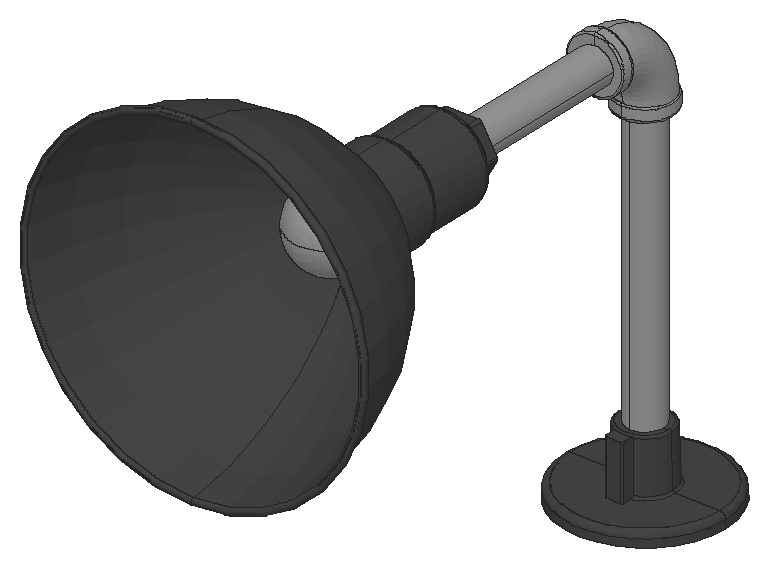
Revit family "BLE-G-DBW-G34-E26", category Lighting Fixtures, host Face, Revit 2022
Family settings
  Host = Face
  Round Connector Dimension = Use Diameter
  Part Type = Normal
  Cut with Voids When Loaded = No
  Light Source = Yes
  Maintain Annotation Orientation = No
  Shared = No
  Room Calculation Point = No
Parameters (values of type "10"")
  Wattage = 5.72229 W
  built-in parameter 1150110 = 1 (stored number, unit not read)
  built-in parameter 1114217 = 1 (stored number, unit not read)
  Tilt Angle = 0.00°
  built-in parameter 1150109 = 1 (stored number, unit not read)
  built-in parameter 1150134 = (empty or 0)
  built-in parameter 1150113 = 1 (stored number, unit not read)
  Gooseneck Material = 100 - Black
  Shade Material = 100 - Black
  Photometric Web File = "generic"
  built-in parameter 1150142 = (empty or 0)
  built-in parameter 1150105 = 67.641 (stored number, unit not read)
  Lumens = 850 lm
  built-in parameter 1150115 = 1 (stored number, unit not read)
  built-in parameter 1150137 = (empty or 0)
  built-in parameter 1150139 = (empty or 0)
  built-in parameter 1150112 = 1 (stored number, unit not read)
  built-in parameter 1150114 = 1 (stored number, unit not read)
  built-in parameter 1150132 = 2
  built-in parameter 1150102 = (empty or 0)
  built-in parameter 1150107 = 3000 (stored number, unit not read)
  built-in parameter 1150138 = (empty or 0)
  built-in parameter 1150106 = 0.67641 (stored number, unit not read)
  built-in parameter 1150104 = 13.8 (stored number, unit not read)
  20" = no
  Dimming Lamp Color Temperature Shift = <None>
  Default Elevation = 4' - 0"
  Color Filter = 16777215
  Base Material = 100 - Black
  built-in parameter 1114218 = 1 (stored number, unit not read)
  built-in parameter 1150133 = 10 (stored number, unit not read)
  16" = no
  14" = no
  12" = no
  10" = yes
Reference planes (in)
  plane 1 "Center (Front/Back)": y = 0
  plane 2: z = 0
  plane 3 "Center (Left/Right)": x = 0
Lines and regions (in)
  reference lines
    curve 1: line (0, 32, 0) -> (0, -36, 0)
    curve 2: line (-33.11947, 0, 0) -> (37.88053, 0, 0)
Dimensions and locks (in)
  locked: plane 1 "Center (Front/Back)" to imposter light at 11.25
  aligned and locked: plane 2 to host face
  aligned and locked: level to host face
  aligned and locked: plane 3 "Center (Left/Right)" to nested 1
  aligned and locked: plane 1 "Center (Front/Back)" to nested 1
  aligned and locked: nested 4 to imposter light
  aligned and locked: imposter light to plane 3 "Center (Left/Right)"
  aligned and locked: plane 1 "Center (Front/Back)" to nested 2
  aligned and locked: imposter light to nested 7
  aligned and locked: imposter light to nested 3
  aligned and locked: nested 7 to imposter light
  aligned and locked: imposter light to nested 6  (x2)
  aligned and locked: nested 3 to imposter light
  aligned and locked: nested 5 to imposter light  (x2)
  aligned and locked: imposter light to nested 2
Nested families (in)
  nested 1: "WBP-7501" at (0, 0, 0), type "WBP-7501"
  nested 2: "G34" at (0, 0, 1.975), type "GNK-5011"
  nested 3: "DBW Shade" at (0, -7.21168, 11.913) x (0, 0, -1) z (0, -1, 0), type "DBW Shade"
    with 24" no, 20" no, 16" no, 14" no, 12" no
  nested 4: "103264" at (0, -3.60156, 11.913) x (0, 0, -1) z (0, -1, 0), type "103264"
    with Heat Sink 9" no
  nested 5: "CPL-0004" at (0, -6.5615, 11.913) x (1, 0, 0) z (0, -1, 0), type "CPL-0004"
  nested 6: "E26 Socket Assy" at (0, -7.25074, 11.913) x (0, 0, -1) z (0, -1, 0), type "E26 Socket Assy"
  nested 7: "E26 Bulb" at (0, -9.50573, 11.913) x (1, 0, 0) z (0, -1, 0), type "E26 Bulb"
Connectors (in)
  electrical at (0, 0, 0)
    settings: index 1, voltage 0 V, apparent load 0 VA, apparent load phase1 0 VA, apparent load phase2 0 VA, apparent load phase3 0 VA, power factor 1, load classification "Other", number of poles 1, system type 31, power factor state 1, is connector primary yes, connector utility no, sub classification motor no, connector description ""
Definition of nested family "WBP-7501"
  Parameters (values of type "WBP-7501")
    Default Elevation = 3' - 0"
    Base Material = none
  Reference planes (in)
    plane 1 "Center (Front/Back)": y = 0
    plane 2: z = 0
    plane 3 "Center (Left/Right)": x = 0
    plane 4 "Base Dia": x = -2.325
    plane 5 "Base Height": z = 0.4
    plane 6 "Fillet Radius": z = 0.225
    plane 7: z = 0.458
    plane 8: x = -0.87
    plane 9: x = -0.81
    plane 10: x = -0.76
    plane 11: z = 1.917
    plane 12: z = 1.975
    plane 13: x = -0.7
    plane 14: x = -0.2595
    plane 15: x = 0.2595
    plane 16: y = -1.135
  Forms (in)
    Extrusion 1, solid
      sketch origin (0, 0, 0) x (1, 0, 0) y (0, 1, 0)
        loop
          line (-48, 48) -> (-48, -48) -> (48, -48) -> (48, 48) -> (-48, 48)
      from 0 to -12
    Revolve 2, solid, material <- "Base Material"
      sketch origin (0, 0, 0) x (1, 0, 0) y (0, 0, 1)
        loop
          line (0, 0) -> (0, 1.975) -> (-0.7, 1.975)
          arc (-0.7, 1.975) -> (-0.74172, 1.95814) -> (-0.76, 1.91702) r 0.06003
          line (-0.76, 1.91702) -> (-0.81, 0.458)
          arc (-0.81, 0.458) -> (-0.82699, 0.41699) -> (-0.868, 0.4) r 0.058
          line (-0.868, 0.4) -> (-2.15, 0.4)
          arc (-2.15, 0.4) -> (-2.27374, 0.34874) -> (-2.325, 0.225) r 0.175
          line (-2.325, 0.225) -> (-2.325, 0) -> (0, 0)
        axis (0, 0) -> (0, 1.975)
      angle from 0 to 360
    Extrusion 3, solid, material <- "Base Material"
      sketch origin (0, 0, 0) x (1, 0, 0) y (0, 1, 0)
        loop
          line (-0.2595, -0.76731) -> (-0.2595, -1.075)
          arc (-0.2595, -1.075) -> (-0.24193, -1.11743) -> (-0.1995, -1.135) r 0.06
          line (-0.1995, -1.135) -> (0.1995, -1.135)
          arc (0.1995, -1.135) -> (0.24193, -1.11743) -> (0.2595, -1.075) r 0.06
          line (0.2595, -1.075) -> (0.2595, -0.76731)
          arc (0.2595, -0.76731) -> (0, -0.81) -> (-0.2595, -0.76731) r 0.81
      from 0 to 1.975
  Cuts and joins
    joined: Revolve 2, Extrusion 3
  Dimensions and locks (in)
    plane 4 "Base Dia" to plane 3 "Center (Left/Right)" = 0' - 2.325"
    locked: plane 5 "Base Height" to Extrusion 1 at 0.4
    locked: plane 3 "Center (Left/Right)" to plane 4 "Base Dia" at 2.325
    locked: plane 5 "Base Height" to plane 6 "Fillet Radius" at 0.175
    locked: plane 3 "Center (Left/Right)" to plane 9 at 0.81
    locked: plane 3 "Center (Left/Right)" to plane 8 at 0.87
    locked: plane 3 "Center (Left/Right)" to plane 10 at 0.76
    locked: plane 3 "Center (Left/Right)" to plane 13 at 0.7
    locked: plane 11 to plane 5 "Base Height" at 1.517
    locked: plane 12 to plane 5 "Base Height" at 1.575
    locked: plane 7 to plane 5 "Base Height" at 0.058
    locked: plane 14 to plane 3 "Center (Left/Right)" at 0.2595
    locked: plane 3 "Center (Left/Right)" to plane 15 at 0.2595
    locked: plane 16 to plane 1 "Center (Front/Back)" at 1.135
    radius of Revolve 2 sketch curve = 0' - 0.175"
    aligned and locked: plane 2 to Extrusion 1
    aligned and locked: level to Extrusion 1
    aligned and locked: Revolve 2 sketch curve to plane 5 "Base Height"
    aligned and locked: plane 9 to Revolve 2 sketch curve
    aligned and locked: plane 3 "Center (Left/Right)" to Revolve 2 sketch curve
    aligned and locked: plane 15 to Extrusion 3 sketch curve
    aligned and locked: Extrusion 3 sketch curve to plane 16
    aligned and locked: Extrusion 3 sketch curve to plane 14
  Automatic sketch dimensions
    Extrusion 1 sketch curve to Extrusion 1 sketch curve = 8' - 0"  (x2)
    Revolve 2 sketch curve to level = 0' - 0"
    Revolve 2 sketch curve to plane 4 "Base Dia" = 0' - 0"
    Revolve 2 sketch curve to plane 7 = 0' - 0"  (x2)
    plane 10 to Revolve 2 sketch curve = 0' - 0"
    Revolve 2 sketch curve to plane 12 = 0' - 0"
    Revolve 2 sketch curve to plane 13 = 0' - 0"
    Revolve 2 sketch curve to plane 3 "Center (Left/Right)" = 0' - 0"
    Revolve 2 sketch curve to Revolve 2 sketch curve = 0' - 0.22742"
    Revolve 2 sketch curve to Revolve 2 sketch curve = 0' - 1.76377"
    plane 1 "Center (Front/Back)" to Extrusion 3 sketch curve = 0' - 0"
    Extrusion 3 sketch curve to plane 3 "Center (Left/Right)" = 0' - 0"
    plane 14 to Extrusion 3 sketch curve = 0' - 0.06"
    Extrusion 3 sketch curve to plane 15 = 0' - 0.06"
    Extrusion 3 sketch curve to Extrusion 3 sketch curve = 0' - 0.30769"
Definition of nested family "G34"
  Parameters (values of type "G34")
    Gooseneck Material = none
    Default Elevation = 2' - 0"
  Reference planes (in)
    plane 1 "Center (Front/Back)": y = 0
    plane 2: z = 0
    plane 3 "Center (Left/Right)": x = 0
    plane 4 "Wood Height": z = 0
    plane 5: z = 9.938
  Forms (in)
    Extrusion 1, solid
      sketch origin (0, 0, 0) x (1, 0, 0) y (0, 1, 0)
        loop
          line (-48, 48) -> (-48, -48) -> (48, -48) -> (48, 48) -> (-48, 48)
      from 0 to -12
  Dimensions and locks (in)
    aligned and locked: plane 2 to Extrusion 1
    aligned and locked: level to Extrusion 1
    aligned and locked: Extrusion 1 to plane 4 "Wood Height"
    aligned and locked: plane 3 "Center (Left/Right)" to nested 1
    aligned and locked: plane 1 "Center (Front/Back)" to nested 1
    aligned and locked: plane 3 "Center (Left/Right)" to nested 2
    aligned and locked: plane 1 "Center (Front/Back)" to nested 2
    aligned and locked: nested 3 to nested 2  (x2)
  Nested families (in)
    nested 1: "GNK-7517" at (0, 0, 0), type "GNK-7517"
    nested 2: "APF-750X" at (0, 0, 8.125) x (-1, 0, 0) z (0, 0, 1), type "APF-750X"
    nested 3: "STM-7506" at (0, -1.813, 9.938) x (0, 0, -1) z (0, -1, 0), type "STM-7506"
  Definition of nested family "GNK-7517"
    Parameters (values of type "GNK-7517")
      Gooseneck Material = none
      Default Elevation = 2' - 0"
    Reference planes (in)
      plane 1 "Center (Front/Back)": y = 0
      plane 2: z = -0.0015
      plane 3 "Center (Left/Right)": x = 0
      plane 4 "Wood Height": z = -0.0015
    Forms (in)
      Extrusion 1, solid
        sketch origin (0, 0, 0) x (1, 0, 0) y (0, 1, 0)
          loop
            line (-48, 48) -> (-48, -48) -> (48, -48) -> (48, 48) -> (-48, 48)
        from -0.0015 to -12
      Sweep 2, solid, material <- "Gooseneck Material"
        path origin (0, 0, 0) x (0, 1, 0) y (0, 0, 1)
          loop
            line (0, -0.0015) -> (0, 8.125)
        profile origin (0, 0, 4.06175) x (0, -1, 0) y (1, 0, 0)
          loop
            circle (0, 0) r 0.52676
    Dimensions and locks (in)
      aligned and locked: plane 2 to Extrusion 1
      aligned and locked: level to Extrusion 1
      aligned and locked: Extrusion 1 to plane 4 "Wood Height"
  Definition of nested family "APF-750X"
    Parameters (values of type "APF-750X")
      Gooseneck Material = none
      Default Elevation = 2' - 0"
    Reference planes (in)
      plane 1 "Center (Front/Back)": y = 0
      plane 2: z = 0
      plane 3 "Center (Left/Right)": x = 0
      plane 4: z = 0.375
      plane 5: y = 0.8225
      plane 6: y = 1.438
      plane 7: y = 1.813
      plane 8: z = 1.813
      plane 9: z = 0.9905
      plane 10: y = 0.77
    Forms (in)
      Extrusion 1, solid
        sketch origin (0, 0, 0) x (1, 0, 0) y (0, 1, 0)
          loop
            line (-48, 48) -> (-48, -48) -> (48, -48) -> (48, 48) -> (-48, 48)
        from 0 to -12
      Revolve 2, solid, material <- "Gooseneck Material"
        sketch origin (0, 0, 0) x (0, 1, 0) y (0, 0, 1)
          loop
            line (0, 0.375) -> (0, 0) -> (0.7825, 0)
            arc (0.7825, 0) -> (0.81078, 0.01172) -> (0.8225, 0.04) r 0.04
            line (0.8225, 0.04) -> (0.8225, 0.335)
            arc (0.8225, 0.335) -> (0.81078, 0.36328) -> (0.7825, 0.375) r 0.04
            line (0.7825, 0.375) -> (0, 0.375)
          axis (0, 0.375) -> (0, 0)
        angle from 0 to 360
      Revolve 3, solid, material <- "Gooseneck Material"
        sketch origin (0, 0, 0) x (0, 1, 0) y (0, 0, 1)
          loop
            line (1.438, 1.813) -> (1.438, 1.0305)
            arc (1.438, 1.0305) -> (1.44972, 1.00222) -> (1.478, 0.9905) r 0.04
            line (1.478, 0.9905) -> (1.773, 0.9905)
            arc (1.773, 0.9905) -> (1.80128, 1.00222) -> (1.813, 1.0305) r 0.04
            line (1.813, 1.0305) -> (1.813, 1.813) -> (1.438, 1.813)
          axis (1.813, 1.813) -> (1.438, 1.813)
        angle from 0 to 360
      Sweep 4, solid, material <- "Gooseneck Material"
        path origin (0, 0, 0) x (0, 1, 0) y (0, 0, 1)
          loop
            line (0, 0) -> (0, 0.375)
            arc (0, 0.375) -> (0.42118, 1.39182) -> (1.438, 1.813) r 1.438
            line (1.438, 1.813) -> (1.813, 1.813)
        profile origin (0, 0, 0.1875) x (0, -1, 0) y (1, 0, 0)
          loop
            circle (0, 0) r 0.77
    Cuts and joins
      joined: Revolve 2, Revolve 3, Sweep 4
    Dimensions and locks (in)
      locked: plane 5 to plane 1 "Center (Front/Back)" at 0.8225
      locked: plane 4 to Extrusion 1 at 0.375
      locked: plane 7 to plane 6 at 0.375
      locked: plane 6 to plane 1 "Center (Front/Back)" at 1.438
      locked: plane 8 to plane 4 at 1.438
      locked: plane 8 to plane 9 at 0.8225
      plane 10 to plane 1 "Center (Front/Back)" = 0' - 0.77"  (x2)
      radius of Revolve 3 sketch curve = 0' - 0.04"
      aligned and locked: plane 2 to Extrusion 1
      aligned and locked: level to Extrusion 1
      aligned and locked: plane 1 "Center (Front/Back)" to Revolve 2 sketch curve
      aligned and locked: Revolve 3 sketch curve to plane 8
    Automatic sketch dimensions
      Extrusion 1 sketch curve to Extrusion 1 sketch curve = 8' - 0"  (x2)
      Revolve 2 sketch curve to plane 1 "Center (Front/Back)" = 0' - 0"
      Revolve 2 sketch curve to level = 0' - 0"
      Revolve 2 sketch curve to plane 4 = 0' - 0"
      Revolve 2 sketch curve to plane 5 = 0' - 0"
      plane 5 to Revolve 2 sketch curve = 0' - 0.04"
      Revolve 2 sketch curve to Revolve 2 sketch curve = 0' - 0.04"
      Revolve 2 sketch curve to level = 0' - 0.2686"
      plane 4 to Revolve 2 sketch curve = 0' - 0 1/4"
      Revolve 3 sketch curve to plane 5 = 0' - 0"
      Revolve 3 sketch curve to plane 6 = 0' - 0"
      Revolve 3 sketch curve to plane 9 = 0' - 0"
      Revolve 3 sketch curve to plane 7 = 0' - 0"
      Revolve 3 sketch curve to plane 8 = 0' - 0"
      plane 7 to Revolve 3 sketch curve = 0' - 0.04"
      Revolve 3 sketch curve to Revolve 3 sketch curve = 0' - 0.18003"
      Sweep 4 sketch curve to plane 6 = 0' - 0"
      Sweep 4 sketch curve to plane 7 = 0' - 0"
      Sweep 4 sketch curve to level = 0' - 0"
      Sweep 4 sketch curve to plane 4 = 0' - 0"
      Sweep 4 sketch curve to plane 8 = 0' - 0"
      Sweep 4 sketch curve to plane 3 "Center (Left/Right)" = 0' - 0"
      Sweep 4 sketch curve to profile plane = 0' - 0"
      radius of Sweep 4 sketch curve = 0' - 0.77"
  Definition of nested family "STM-7506"
    Parameters (values of type "STM-7506")
      Gooseneck Material = none
      Default Elevation = 2' - 0"
    Reference planes (in)
      plane 1 "Center (Front/Back)": y = 0
      plane 2: z = -0.0015
      plane 3 "Center (Left/Right)": x = 0
      plane 4 "Wood Height": z = -0.0015
    Forms (in)
      Extrusion 1, solid
        sketch origin (0, 0, 0) x (1, 0, 0) y (0, 1, 0)
          loop
            line (-48, 48) -> (-48, -48) -> (48, -48) -> (48, 48) -> (-48, 48)
        from -0.0015 to -12
      Sweep 2, solid, material <- "Gooseneck Material"
        path origin (0, 0, 0) x (0, 1, 0) y (0, 0, 1)
          loop
            line (0, -0.0015) -> (0, 4.7485)
        profile origin (0, 0, 2.3735) x (0, -1, 0) y (1, 0, 0)
          loop
            circle (0, 0) r 0.525
    Dimensions and locks (in)
      aligned and locked: plane 2 to Extrusion 1
      aligned and locked: level to Extrusion 1
      aligned and locked: Extrusion 1 to plane 4 "Wood Height"
Definition of nested family "DBW Shade"
  Parameters (values of type "DBW Shade")
    Shade Material = none
    Default Elevation = 2' - 0"
    24" = yes
    20" = yes
    10" = yes
    16" = yes
    14" = yes
    12" = yes
  Reference planes (in)
    plane 1 "Center (Front/Back)": y = 0
    plane 2: z = 0
    plane 3 "Center (Left/Right)": x = 0
  Forms (in)
    Extrusion 1, solid
      sketch origin (0, 0, 0) x (1, 0, 0) y (0, 1, 0)
        loop
          line (-48, 48) -> (-48, -48) -> (48, -48) -> (48, 48) -> (-48, 48)
      from 0 to -12
  Dimensions and locks (in)
    aligned and locked: plane 2 to Extrusion 1
    aligned and locked: level to Extrusion 1
    aligned and locked: plane 1 "Center (Front/Back)" to nested 1
    aligned and locked: plane 3 "Center (Left/Right)" to nested 1
    aligned and locked: plane 3 "Center (Left/Right)" to nested 2
    aligned and locked: plane 1 "Center (Front/Back)" to nested 2
    aligned and locked: plane 1 "Center (Front/Back)" to nested 3
    aligned and locked: plane 3 "Center (Left/Right)" to nested 3
    aligned and locked: plane 1 "Center (Front/Back)" to nested 4
    aligned and locked: plane 1 "Center (Front/Back)" to nested 5
    aligned and locked: plane 3 "Center (Left/Right)" to nested 5
    aligned and locked: plane 3 "Center (Left/Right)" to nested 6
    aligned and locked: plane 1 "Center (Front/Back)" to nested 6
    aligned and locked: plane 3 "Center (Left/Right)" to nested 4
  Nested families (in)
    nested 1: "SHD-0028" at (0, 0, 0), visible <- "10"", type "SHD-0028"
    nested 2: "SHD-0029" at (0, 0, 0), visible <- "12"", type "SHD-0029"
    nested 3: "SHD-0114" at (0, 0, 0), visible <- "14"", type "SHD-0114"
    nested 4: "SHD-0115" at (0, 0, 0), visible <- "16"", type "SHD-0115"
    nested 5: "SHD-0308" at (0, 0, 0), visible <- "24"", type "SHD-0308"
    nested 6: "SHD-0223" at (0, 0, 0), visible <- "20"", type "SHD-0223"
  Definition of nested family "SHD-0028"
    Parameters (values of type "SHD-0028")
      Shade Material = none
      Default Elevation = 2' - 0"
    Reference planes (in)
      plane 1 "Center (Front/Back)": y = 0
      plane 2: z = 0
      plane 3 "Center (Left/Right)": x = 0
      plane 4 "Wood Height": z = 0
      plane 5 "Nut Radius": x = -1.03713
      plane 6 "Nut Flat": x = -0.861
      plane 7 "Shade Thickness": z = 0.04
      plane 8 "Lower Shade bottom": z = 9.109
      plane 9 "Lower Shade Outer Dia": x = -5
      plane 10 "Shade Top Dia": x = -1.20713
      plane 11 "Shade Middle Radius Height1": z = 1.965
      plane 12 "Shade Lower Diameter1": x = -1.44113
      plane 13 "Shade Top Radius": x = -1.29713
      plane 14 "Shade Middle Radious Height2": z = 2.105
      plane 15 "Shade Middle Radius Diameter2": x = -1.41363
      plane 16 "Lip Height": z = 9.029
      plane 17 "Bowl Start": z = 3.545
      plane 18: x = -4.85
      plane 19: z = 9.069
    Forms (in)
      Extrusion 1, solid
        sketch origin (0, 0, 0) x (1, 0, 0) y (0, 1, 0)
          loop
            line (-48, 48) -> (-48, -48) -> (48, -48) -> (48, 48) -> (-48, 48)
        from 0 to -12
      Revolve 2, solid, material <- "Shade Material"
        sketch origin (0, 0, 0) x (1, 0, 0) y (0, 0, 1)
          loop
            line (0, 0) -> (0, 0.03906) -> (-1.20713, 0.03906)
            arc (-1.20713, 0.03906) -> (-1.24314, 0.05398) -> (-1.25806, 0.09) r 0.05094
            line (-1.25806, 0.09) -> (-1.25806, 1.94384)
            arc (-1.25806, 1.94384) -> (-1.26409, 1.97759) -> (-1.28141, 2.00717) r 0.09757
            line (-1.28141, 2.00717) -> (-1.37456, 2.11635) -> (-1.37456, 3.48096)
            arc (-1.37456, 3.48096) -> (-1.39014, 3.54099) -> (-1.43295, 3.58588) r 0.12347
            arc (-1.43295, 3.58588) -> (-3.7536, 5.90437) -> (-4.80544, 9.01154) r 7.20294
            arc (-4.80544, 9.01154) -> (-4.99326, 9.04214) -> (-4.84504, 8.9228) r 0.09841
            line (-4.84504, 8.9228) -> (-4.86619, 8.95581)
            arc (-4.86619, 8.95581) -> (-4.95809, 9.02506) -> (-4.84432, 9.00777) r 0.05934
            arc (-4.84432, 9.00777) -> (-3.78678, 5.88375) -> (-1.45354, 3.55268) r 7.242
            arc (-1.45354, 3.55268) -> (-1.42428, 3.522) -> (-1.41363, 3.48096) r 0.0844
            line (-1.41363, 3.48096) -> (-1.41363, 2.13147)
            arc (-1.41363, 2.13147) -> (-1.40868, 2.10377) -> (-1.39446, 2.07949) r 0.08009
            line (-1.39446, 2.07949) -> (-1.31112, 1.98181)
            arc (-1.31112, 1.98181) -> (-1.30074, 1.96408) -> (-1.29713, 1.94384) r 0.0585
            line (-1.29713, 1.94384) -> (-1.29713, 0.09)
            arc (-1.29713, 0.09) -> (-1.27077, 0.02636) -> (-1.20713, 0) r 0.09
            line (-1.20713, 0) -> (0, 0)
          axis (0, 9.01154) -> (0, 0)
        angle from 0 to 360
    Dimensions and locks (in)
      locked: plane 6 "Nut Flat" to plane 3 "Center (Left/Right)" at 0.861
      locked: plane 7 "Shade Thickness" to plane 4 "Wood Height" at 0.04
      locked: plane 3 "Center (Left/Right)" to plane 9 "Lower Shade Outer Dia" at 5
      locked: plane 11 "Shade Middle Radius Height1" to plane 4 "Wood Height" at 1.965
      locked: plane 14 "Shade Middle Radious Height2" to plane 4 "Wood Height" at 2.105
      locked: plane 8 "Lower Shade bottom" to plane 16 "Lip Height" at 0.08
      locked: plane 17 "Bowl Start" to plane 4 "Wood Height" at 3.545
      locked: plane 18 to plane 9 "Lower Shade Outer Dia" at 0.15
      locked: plane 8 "Lower Shade bottom" to plane 19 at 0.04
      locked: plane 8 "Lower Shade bottom" to plane 4 "Wood Height" at 9.109
      aligned and locked: plane 2 to Extrusion 1
      aligned and locked: level to Extrusion 1
      aligned and locked: plane 4 "Wood Height" to Revolve 2 sketch curve
      aligned and locked: plane 10 "Shade Top Dia" to Revolve 2 sketch curve
      aligned and locked: Revolve 2 sketch curve to plane 15 "Shade Middle Radius Diameter2"
      aligned and locked: Revolve 2 sketch curve to plane 13 "Shade Top Radius"
      aligned and locked: Extrusion 1 to plane 4 "Wood Height"
    Automatic sketch dimensions
      Extrusion 1 sketch curve to Extrusion 1 sketch curve = 8' - 0"  (x2)
      Revolve 2 sketch curve to Revolve 2 sketch curve = 0' - 0"  (x12)
      Revolve 2 sketch curve to plane 3 "Center (Left/Right)" = 0' - 0"  (x2)
      plane 18 to Revolve 2 sketch curve = 0' - 0.00496"
      Revolve 2 sketch curve to plane 18 = 0' - 0.01619"
      plane 15 "Shade Middle Radius Diameter2" to Revolve 2 sketch curve = 0' - 0.01916"
      plane 14 "Shade Middle Radious Height2" to Revolve 2 sketch curve = 0' - 0.01135"
      plane 15 "Shade Middle Radius Diameter2" to Revolve 2 sketch curve = 0' - 0 5/128"
      Revolve 2 sketch curve to plane 11 "Shade Middle Radius Height1" = 0' - 0.02116"
      plane 15 "Shade Middle Radius Diameter2" to Revolve 2 sketch curve = 0' - 0.058"
      plane 14 "Shade Middle Radious Height2" to Revolve 2 sketch curve = 0' - 0.02647"
      Revolve 2 sketch curve to plane 13 "Shade Top Radius" = 0' - 0.01572"
      Revolve 2 sketch curve to Revolve 2 sketch curve = 0' - 0 5/128"
      Revolve 2 sketch curve to plane 17 "Bowl Start" = 0' - 0.06404"
      plane 18 to Revolve 2 sketch curve = 0' - 0.00568"
      plane 17 "Bowl Start" to Revolve 2 sketch curve = 0' - 0.15101"
      Revolve 2 sketch curve to Revolve 2 sketch curve = 0' - 2.15863"
      Revolve 2 sketch curve to plane 12 "Shade Lower Diameter1" = 0' - 0.00818"
      Revolve 2 sketch curve to Revolve 2 sketch curve = 0' - 0.03888"  (x2)
      Revolve 2 sketch curve to Revolve 2 sketch curve = 0' - 0.03301"
      Revolve 2 sketch curve to Revolve 2 sketch curve = 0' - 0.02059"
      Revolve 2 sketch curve to Revolve 2 sketch curve = 0' - 0.03319"
  Definition of nested family "SHD-0029"
    Parameters (values of type "SHD-0029")
      Shade Material = none
      Default Elevation = 2' - 0"
    Reference planes (in)
      plane 1 "Center (Front/Back)": y = 0
      plane 2: z = 0
      plane 3 "Center (Left/Right)": x = 0
      plane 4 "Wood Height": z = 0
      plane 5 "Nut Radius": x = -1.03713
      plane 6 "Nut Flat": x = -0.861
      plane 7 "Shade Thickness": z = 0.04
      plane 8 "Shade Top Dia": x = -1.20713
      plane 9 "Shade Middle Radius Height1": z = 1.965
      plane 10 "Shade Lower Diameter1": x = -1.44113
      plane 11 "Shade Top Radius": x = -1.29713
      plane 12 "Shade Middle Radious Height2": z = 2.105
      plane 13 "Shade Middle Radius Diameter2": x = -1.41363
      plane 14 "Bowl Start": z = 3.545
    Forms (in)
      Extrusion 1, solid
        sketch origin (0, 0, 0) x (1, 0, 0) y (0, 1, 0)
          loop
            line (-48, 48) -> (-48, -48) -> (48, -48) -> (48, 48) -> (-48, 48)
        from 0 to -12
      Revolve 2, solid, material <- "Shade Material"
        sketch origin (0, 0, 0) x (1, 0, 0) y (0, 0, 1)
          loop
            line (0, 0) -> (0, 0.03906) -> (-1.20713, 0.03906)
            arc (-1.20713, 0.03906) -> (-1.24314, 0.05398) -> (-1.25806, 0.09) r 0.05094
            line (-1.25806, 0.09) -> (-1.25806, 1.94384)
            arc (-1.25806, 1.94384) -> (-1.26409, 1.97759) -> (-1.28141, 2.00717) r 0.09757
            line (-1.28141, 2.00717) -> (-1.37456, 2.11635) -> (-1.37456, 3.49488)
            arc (-1.37456, 3.49488) -> (-1.3856, 3.54027) -> (-1.41623, 3.57553) r 0.09889
            arc (-1.41623, 3.57553) -> (-4.2546, 6.22323) -> (-5.80711, 9.7808) r 9.56481
            arc (-5.80711, 9.7808) -> (-5.99536, 9.79563) -> (-5.84506, 9.68132) r 0.09841
            line (-5.84506, 9.68132) -> (-5.86621, 9.71432)
            arc (-5.86621, 9.71432) -> (-5.9593, 9.78052) -> (-5.84534, 9.77276) r 0.05934
            arc (-5.84534, 9.77276) -> (-4.28694, 6.2013) -> (-1.43786, 3.54296) r 9.60387
            arc (-1.43786, 3.54296) -> (-1.42003, 3.5218) -> (-1.41363, 3.49488) r 0.05982
            line (-1.41363, 3.49488) -> (-1.41363, 2.13147)
            arc (-1.41363, 2.13147) -> (-1.40868, 2.10377) -> (-1.39446, 2.07949) r 0.08009
            line (-1.39446, 2.07949) -> (-1.31112, 1.98181)
            arc (-1.31112, 1.98181) -> (-1.30074, 1.96408) -> (-1.29713, 1.94384) r 0.0585
            line (-1.29713, 1.94384) -> (-1.29713, 0.09)
            arc (-1.29713, 0.09) -> (-1.27077, 0.02636) -> (-1.20713, 0) r 0.09
            line (-1.20713, 0) -> (0, 0)
          axis (0, 9.7808) -> (0, 0)
        angle from 0 to 360
    Dimensions and locks (in)
      locked: plane 6 "Nut Flat" to plane 3 "Center (Left/Right)" at 0.861
      locked: plane 7 "Shade Thickness" to plane 4 "Wood Height" at 0.04
      locked: plane 9 "Shade Middle Radius Height1" to plane 4 "Wood Height" at 1.965
      locked: plane 12 "Shade Middle Radious Height2" to plane 4 "Wood Height" at 2.105
      locked: plane 14 "Bowl Start" to plane 4 "Wood Height" at 3.545
      aligned and locked: plane 2 to Extrusion 1
      aligned and locked: level to Extrusion 1
      aligned and locked: plane 4 "Wood Height" to Revolve 2 sketch curve
      aligned and locked: plane 8 "Shade Top Dia" to Revolve 2 sketch curve
      aligned and locked: Revolve 2 sketch curve to plane 13 "Shade Middle Radius Diameter2"
      aligned and locked: Revolve 2 sketch curve to plane 11 "Shade Top Radius"
      aligned and locked: Extrusion 1 to plane 4 "Wood Height"
    Automatic sketch dimensions
      Extrusion 1 sketch curve to Extrusion 1 sketch curve = 8' - 0"  (x2)
      Revolve 2 sketch curve to Revolve 2 sketch curve = 0' - 0"  (x15)
      Revolve 2 sketch curve to plane 3 "Center (Left/Right)" = 0' - 0"  (x2)
      plane 10 "Shade Lower Diameter1" to Revolve 2 sketch curve = 0' - 0.03232"
      Revolve 2 sketch curve to Revolve 2 sketch curve = 0' - 0.02115"
      Revolve 2 sketch curve to Revolve 2 sketch curve = 0' - 0.0372"
      plane 13 "Shade Middle Radius Diameter2" to Revolve 2 sketch curve = 0' - 0.01916"
      plane 12 "Shade Middle Radious Height2" to Revolve 2 sketch curve = 0' - 0.01135"
      plane 13 "Shade Middle Radius Diameter2" to Revolve 2 sketch curve = 0' - 0 5/128"
      Revolve 2 sketch curve to plane 9 "Shade Middle Radius Height1" = 0' - 0.02116"
      plane 13 "Shade Middle Radius Diameter2" to Revolve 2 sketch curve = 0' - 0.058"
      plane 12 "Shade Middle Radious Height2" to Revolve 2 sketch curve = 0' - 0.02647"
      Revolve 2 sketch curve to plane 11 "Shade Top Radius" = 0' - 0.01572"
      Revolve 2 sketch curve to Revolve 2 sketch curve = 0' - 0 5/128"
      Revolve 2 sketch curve to plane 14 "Bowl Start" = 0' - 0.05012"
      Revolve 2 sketch curve to Revolve 2 sketch curve = 0' - 0.03301"
      Revolve 2 sketch curve to Revolve 2 sketch curve = 0' - 0.04623"
      Revolve 2 sketch curve to plane 13 "Shade Middle Radius Diameter2" = 0' - 0.00261"
      Revolve 2 sketch curve to plane 14 "Bowl Start" = 0' - 0.00204"
      plane 14 "Bowl Start" to Revolve 2 sketch curve = 0' - 0.15101"
      Revolve 2 sketch curve to Revolve 2 sketch curve = 0' - 2.15863"
      plane 10 "Shade Lower Diameter1" to Revolve 2 sketch curve = 0' - 4.40394"
      plane 3 "Center (Left/Right)" to Revolve 2 sketch curve = 0' - 3.5532"
      plane 14 "Bowl Start" to Revolve 2 sketch curve = 0' - 6.13632"
  Definition of nested family "SHD-0114"
    Parameters (values of type "SHD-0114")
      Shade Material = none
      Default Elevation = 2' - 0"
    Reference planes (in)
      plane 1 "Center (Front/Back)": y = 0
      plane 2: z = 0
      plane 3 "Center (Left/Right)": x = 0
      plane 4 "Wood Height": z = 0
    Forms (in)
      Extrusion 1, solid
        sketch origin (0, 0, 0) x (1, 0, 0) y (0, 1, 0)
          loop
            line (-48, 48) -> (-48, -48) -> (48, -48) -> (48, 48) -> (-48, 48)
        from 0 to -12
      Revolve 2, solid, material <- "Shade Material"
        sketch origin (0, 0, 0) x (1, 0, 0) y (0, 0, 1)
          loop
            line (0, 0) -> (0, 0.03906) -> (-1.45545, 0.03906)
            arc (-1.45545, 0.03906) -> (-1.49164, 0.05405) -> (-1.50663, 0.09025) r 0.05119
            line (-1.50663, 0.09025) -> (-1.50663, 2.07228)
            arc (-1.50663, 2.07228) -> (-1.51325, 2.1034) -> (-1.53194, 2.12913) r 0.0765
            line (-1.53194, 2.12913) -> (-1.59895, 2.18946)
            arc (-1.59895, 2.18946) -> (-1.61737, 2.21483) -> (-1.62389, 2.24549) r 0.07539
            line (-1.62389, 2.24549) -> (-1.62389, 3.76049)
            arc (-1.62389, 3.76049) -> (-1.63985, 3.81863) -> (-1.68326, 3.86047) r 0.11386
            arc (-1.68326, 3.86047) -> (-5.12462, 6.95788) -> (-6.79993, 11.27416) r 9.99002
            arc (-6.79993, 11.27416) -> (-6.99505, 11.29998) -> (-6.84047, 11.17815) r 0.10205
            line (-6.84047, 11.17815) -> (-6.86365, 11.20959)
            arc (-6.86365, 11.20959) -> (-6.95906, 11.28479) -> (-6.83863, 11.26885) r 0.06299
            arc (-6.83863, 11.26885) -> (-5.15677, 6.93569) -> (-1.70196, 3.82617) r 10.02909
            arc (-1.70196, 3.82617) -> (-1.67344, 3.79868) -> (-1.66295, 3.76049) r 0.07479
            line (-1.66295, 3.76049) -> (-1.66295, 2.24549)
            arc (-1.66295, 2.24549) -> (-1.65306, 2.19894) -> (-1.62508, 2.16043) r 0.11445
            line (-1.62508, 2.16043) -> (-1.55808, 2.1001)
            arc (-1.55808, 2.1001) -> (-1.54893, 2.08751) -> (-1.54569, 2.07228) r 0.03743
            line (-1.54569, 2.07228) -> (-1.54569, 0.09025)
            arc (-1.54569, 0.09025) -> (-1.51926, 0.02643) -> (-1.45545, 0) r 0.09025
            line (-1.45545, 0) -> (0, 0)
          axis (0, 11.27416) -> (0, 0)
        angle from 0 to 360
    Dimensions and locks (in)
      aligned and locked: plane 2 to Extrusion 1
      aligned and locked: level to Extrusion 1
      aligned and locked: Extrusion 1 to plane 4 "Wood Height"
    Automatic sketch dimensions
      Extrusion 1 sketch curve to Extrusion 1 sketch curve = 8' - 0"  (x2)
      Revolve 2 sketch curve to Revolve 2 sketch curve = 0' - 0"  (x25)
      Revolve 2 sketch curve to level = 0' - 0"
      Revolve 2 sketch curve to plane 3 "Center (Left/Right)" = 0' - 0"  (x2)
      Revolve 2 sketch curve to Revolve 2 sketch curve = 0' - 0.01239"
      Revolve 2 sketch curve to Revolve 2 sketch curve = 0' - 0.07479"
      Revolve 2 sketch curve to Revolve 2 sketch curve = 0' - 0.02318"
      Revolve 2 sketch curve to Revolve 2 sketch curve = 0' - 0.03738"
      Revolve 2 sketch curve to Revolve 2 sketch curve = 0' - 0.03144"
      Revolve 2 sketch curve to Revolve 2 sketch curve = 0' - 0.0507"
      Revolve 2 sketch curve to Revolve 2 sketch curve = 0' - 0.01869"  (x2)
      Revolve 2 sketch curve to Revolve 2 sketch curve = 0' - 2.15863"
      plane 3 "Center (Left/Right)" to Revolve 2 sketch curve = 0' - 3.09734"
      Revolve 2 sketch curve to Revolve 2 sketch curve = 0' - 0.02614"
      Revolve 2 sketch curve to Revolve 2 sketch curve = 0' - 0 5/128"  (x2)
      Revolve 2 sketch curve to Revolve 2 sketch curve = 0' - 1.45545"
      Revolve 2 sketch curve to Revolve 2 sketch curve = 0' - 0.05119"
      Revolve 2 sketch curve to Revolve 2 sketch curve = 0' - 0.02531"
      Revolve 2 sketch curve to Revolve 2 sketch curve = 0' - 0.01656"
      Revolve 2 sketch curve to Revolve 2 sketch curve = 0' - 0.02505"
      Revolve 2 sketch curve to Revolve 2 sketch curve = 0' - 0.05045"
      Revolve 2 sketch curve to plane 3 "Center (Left/Right)" = 0' - 6.84047"
      Revolve 2 sketch curve to Revolve 2 sketch curve = 0' - 1.98204"
      Revolve 2 sketch curve to Revolve 2 sketch curve = 0' - 1.515"
      Revolve 2 sketch curve to Revolve 2 sketch curve = 0' - 7.41765"
      Revolve 2 sketch curve to Revolve 2 sketch curve = 0' - 0.06448"
  Definition of nested family "SHD-0115"
    Parameters (values of type "SHD-0115")
      Shade Material = none
      Default Elevation = 2' - 0"
    Reference planes (in)
      plane 1 "Center (Front/Back)": y = 0
      plane 2: z = 0
      plane 3 "Center (Left/Right)": x = 0
      plane 4 "Wood Height": z = 0
    Forms (in)
      Extrusion 1, solid
        sketch origin (0, 0, 0) x (1, 0, 0) y (0, 1, 0)
          loop
            line (-48, 48) -> (-48, -48) -> (48, -48) -> (48, 48) -> (-48, 48)
        from 0 to -12
      Revolve 2, solid, material <- "Shade Material"
        sketch origin (0, 0, 0) x (1, 0, 0) y (0, 0, 1)
          loop
            line (0, 0) -> (0, 0.03906) -> (-1.45545, 0.03906)
            arc (-1.45545, 0.03906) -> (-1.49164, 0.05405) -> (-1.50663, 0.09025) r 0.05119
            line (-1.50663, 0.09025) -> (-1.50663, 2.07228)
            arc (-1.50663, 2.07228) -> (-1.51325, 2.1034) -> (-1.53194, 2.12913) r 0.0765
            line (-1.53194, 2.12913) -> (-1.59895, 2.18946)
            arc (-1.59895, 2.18946) -> (-1.61737, 2.21483) -> (-1.62389, 2.24549) r 0.07539
            line (-1.62389, 2.24549) -> (-1.62389, 3.76049)
            arc (-1.62389, 3.76049) -> (-1.64115, 3.82076) -> (-1.6877, 3.86276) r 0.11386
            arc (-1.6877, 3.86276) -> (-5.9143, 7.51176) -> (-7.79992, 12.76759) r 10.98102
            arc (-7.79992, 12.76759) -> (-7.99459, 12.80067) -> (-7.84102, 12.67655) r 0.10205
            line (-7.84102, 12.67655) -> (-7.8642, 12.70799)
            arc (-7.8642, 12.70799) -> (-7.95899, 12.7846) -> (-7.83883, 12.76418) r 0.06299
            arc (-7.83883, 12.76418) -> (-5.94651, 7.48965) -> (-1.70487, 3.82767) r 11.02008
            arc (-1.70487, 3.82767) -> (-1.67429, 3.80009) -> (-1.66295, 3.76049) r 0.07479
            line (-1.66295, 3.76049) -> (-1.66295, 2.24549)
            arc (-1.66295, 2.24549) -> (-1.65306, 2.19894) -> (-1.62508, 2.16043) r 0.11445
            line (-1.62508, 2.16043) -> (-1.55808, 2.1001)
            arc (-1.55808, 2.1001) -> (-1.54893, 2.08751) -> (-1.54569, 2.07228) r 0.03743
            line (-1.54569, 2.07228) -> (-1.54569, 0.09025)
            arc (-1.54569, 0.09025) -> (-1.51926, 0.02643) -> (-1.45545, 0) r 0.09025
            line (-1.45545, 0) -> (0, 0)
          axis (0, 12.76759) -> (0, 0)
        angle from 0 to 360
    Dimensions and locks (in)
      aligned and locked: plane 2 to Extrusion 1
      aligned and locked: level to Extrusion 1
      aligned and locked: Extrusion 1 to plane 4 "Wood Height"
    Automatic sketch dimensions
      Extrusion 1 sketch curve to Extrusion 1 sketch curve = 8' - 0"  (x2)
      Revolve 2 sketch curve to Revolve 2 sketch curve = 0' - 0"  (x16)
      Revolve 2 sketch curve to level = 0' - 0"
      Revolve 2 sketch curve to plane 3 "Center (Left/Right)" = 0' - 0"  (x2)
      Revolve 2 sketch curve to Revolve 2 sketch curve = 0' - 1.45545"
      Revolve 2 sketch curve to plane 3 "Center (Left/Right)" = 0' - 1.50663"
      Revolve 2 sketch curve to Revolve 2 sketch curve = 0' - 0.02531"
      Revolve 2 sketch curve to Revolve 2 sketch curve = 0' - 0 5/128"
      Revolve 2 sketch curve to Revolve 2 sketch curve = 0' - 0.01656"
      Revolve 2 sketch curve to Revolve 2 sketch curve = 0' - 0.01239"
      Revolve 2 sketch curve to Revolve 2 sketch curve = 0' - 0.02505"
      Revolve 2 sketch curve to Revolve 2 sketch curve = 0' - 0.05045"
      Revolve 2 sketch curve to Revolve 2 sketch curve = 0' - 0.02494"
      Revolve 2 sketch curve to Revolve 2 sketch curve = 0' - 0.02614"
      Revolve 2 sketch curve to Revolve 2 sketch curve = 0' - 0.07479"
      Revolve 2 sketch curve to Revolve 2 sketch curve = 0' - 0.02318"
      Revolve 2 sketch curve to Revolve 2 sketch curve = 0' - 0.03738"
      plane 3 "Center (Left/Right)" to Revolve 2 sketch curve = 0' - 3.13919"
      Revolve 2 sketch curve to Revolve 2 sketch curve = 0' - 1.98204"
      Revolve 2 sketch curve to Revolve 2 sketch curve = 0' - 1.515"
      Revolve 2 sketch curve to Revolve 2 sketch curve = 0' - 0.03144"
      Revolve 2 sketch curve to Revolve 2 sketch curve = 0' - 0.0507"
      Revolve 2 sketch curve to Revolve 2 sketch curve = 0' - 1.04947"
      Revolve 2 sketch curve to Revolve 2 sketch curve = 0' - 0.03891"
      Revolve 2 sketch curve to Revolve 2 sketch curve = 0' - 0.06448"
      Revolve 2 sketch curve to Revolve 2 sketch curve = 0' - 2.15863"
  Definition of nested family "SHD-0308"
    Parameters (values of type "SHD-0308")
      Shade Material = none
      Default Elevation = 2' - 0"
    Reference planes (in)
      plane 1 "Center (Front/Back)": y = 0
      plane 2: z = 0
      plane 3 "Center (Left/Right)": x = 0
      plane 4 "Wood Height": z = 0
    Forms (in)
      Extrusion 1, solid
        sketch origin (0, 0, 0) x (1, 0, 0) y (0, 1, 0)
          loop
            line (-48, 48) -> (-48, -48) -> (48, -48) -> (48, 48) -> (-48, 48)
        from 0 to -12
      Revolve 2, solid, material <- "Shade Material"
        sketch origin (0, 0, 0) x (1, 0, 0) y (0, 0, 1)
          loop
            line (0, 0) -> (0, 0.03906) -> (-2.22237, 0.03906)
            arc (-2.22237, 0.03906) -> (-2.2742, 0.06053) -> (-2.29567, 0.11236) r 0.0733
            line (-2.29567, 0.11236) -> (-2.29567, 3.09806)
            arc (-2.29567, 3.09806) -> (-2.30835, 3.16758) -> (-2.34475, 3.22814) r 0.19691
            line (-2.34475, 3.22814) -> (-2.42725, 3.32189)
            arc (-2.42725, 3.32189) -> (-2.46224, 3.38009) -> (-2.47442, 3.4469) r 0.18923
            line (-2.47442, 3.4469) -> (-2.47442, 5.72055)
            arc (-2.47442, 5.72055) -> (-2.4994, 5.80773) -> (-2.56677, 5.86845) r 0.16462
            arc (-2.56677, 5.86845) -> (-9.0535, 11.47959) -> (-11.91654, 19.56448) r 16.76616
            arc (-11.91654, 19.56448) -> (-11.93143, 19.59499) -> (-11.96306, 19.60734) r 0.04667
            line (-11.96306, 19.60734) -> (-12.00319, 19.60734)
            arc (-12.00319, 19.60734) -> (-12.07667, 19.53386) -> (-12.00319, 19.46037) r 0.07348
            line (-12.00319, 19.46037) -> (-11.96309, 19.46037) -> (-11.96309, 19.49944) -> (-12.00319, 19.49944)
            arc (-12.00319, 19.49944) -> (-12.03761, 19.53386) -> (-12.00319, 19.56828) r 0.03442
            line (-12.00319, 19.56828) -> (-11.95604, 19.56828)
            arc (-11.95604, 19.56828) -> (-9.08774, 11.46046) -> (-2.58392, 5.83336) r 16.80523
            arc (-2.58392, 5.83336) -> (-2.53254, 5.78704) -> (-2.51348, 5.72055) r 0.12556
            line (-2.51348, 5.72055) -> (-2.51348, 3.4469)
            arc (-2.51348, 3.4469) -> (-2.49878, 3.3663) -> (-2.45658, 3.29609) r 0.22829
            line (-2.45658, 3.29609) -> (-2.37408, 3.20234)
            arc (-2.37408, 3.20234) -> (-2.34489, 3.15379) -> (-2.33473, 3.09806) r 0.15785
            line (-2.33473, 3.09806) -> (-2.33473, 0.11236)
            arc (-2.33473, 0.11236) -> (-2.30182, 0.03291) -> (-2.22237, 0) r 0.11236
            line (-2.22237, 0) -> (0, 0)
          axis (0, 19.60734) -> (0, 0)
        angle from 0 to 360
    Dimensions and locks (in)
      aligned and locked: plane 2 to Extrusion 1
      aligned and locked: level to Extrusion 1
      aligned and locked: Extrusion 1 to plane 4 "Wood Height"
    Automatic sketch dimensions
      Extrusion 1 sketch curve to Extrusion 1 sketch curve = 8' - 0"  (x2)
      Revolve 2 sketch curve to Revolve 2 sketch curve = 0' - 0"  (x24)
      Revolve 2 sketch curve to level = 0' - 0"
      Revolve 2 sketch curve to plane 3 "Center (Left/Right)" = 0' - 0"  (x2)
      Revolve 2 sketch curve to Revolve 2 sketch curve = 0' - 0.01047"
      Revolve 2 sketch curve to Revolve 2 sketch curve = 0' - 0.01002"
      Revolve 2 sketch curve to Revolve 2 sketch curve = 0' - 0.02933"  (x2)
      Revolve 2 sketch curve to Revolve 2 sketch curve = 0' - 0.04717"
      Revolve 2 sketch curve to Revolve 2 sketch curve = 0' - 0.12556"
      Revolve 2 sketch curve to Revolve 2 sketch curve = 0' - 0.00701"
      Revolve 2 sketch curve to Revolve 2 sketch curve = 0' - 0.00004"
      Revolve 2 sketch curve to Revolve 2 sketch curve = 0' - 0.04013"
      plane 3 "Center (Left/Right)" to Revolve 2 sketch curve = 0' - 4.79372"
      Revolve 2 sketch curve to Revolve 2 sketch curve = 0' - 0 5/128"  (x2)
      Revolve 2 sketch curve to Revolve 2 sketch curve = 0' - 2.9857"
      Revolve 2 sketch curve to Revolve 2 sketch curve = 0' - 2.27365"
      Revolve 2 sketch curve to Revolve 2 sketch curve = 0' - 0.03442"
      Revolve 2 sketch curve to Revolve 2 sketch curve = 0' - 0.00761"
      Revolve 2 sketch curve to Revolve 2 sketch curve = 0' - 0.24911"
      Revolve 2 sketch curve to Revolve 2 sketch curve = 0' - 2.15863"
      Revolve 2 sketch curve to Revolve 2 sketch curve = 0' - 2.22237"
      Revolve 2 sketch curve to plane 3 "Center (Left/Right)" = 0' - 2.28519"
      Revolve 2 sketch curve to plane 3 "Center (Left/Right)" = 0' - 11.95604"
      Revolve 2 sketch curve to Revolve 2 sketch curve = 1' - 1.73983"
      Revolve 2 sketch curve to Revolve 2 sketch curve = 1' - 3.07792"
  Definition of nested family "SHD-0223"
    Parameters (values of type "SHD-0223")
      Shade Material = none
      Default Elevation = 2' - 0"
    Reference planes (in)
      plane 1 "Center (Front/Back)": y = 0
      plane 2: z = 0
      plane 3 "Center (Left/Right)": x = 0
      plane 4 "Wood Height": z = 0
    Forms (in)
      Extrusion 1, solid
        sketch origin (0, 0, 0) x (1, 0, 0) y (0, 1, 0)
          loop
            line (-48, 48) -> (-48, -48) -> (48, -48) -> (48, 48) -> (-48, 48)
        from 0 to -12
      Revolve 2, solid, material <- "Shade Material"
        sketch origin (0, 0, 0) x (1, 0, 0) y (0, 0, 1)
          loop
            line (0, 0) -> (0, 0.03906) -> (-1.8485, 0.03906)
            arc (-1.8485, 0.03906) -> (-1.88896, 0.05582) -> (-1.90572, 0.09628) r 0.05722
            line (-1.90572, 0.09628) -> (-1.90572, 2.57881)
            arc (-1.90572, 2.57881) -> (-1.9168, 2.64011) -> (-1.94865, 2.69364) r 0.17504
            line (-1.94865, 2.69364) -> (-2.01787, 2.77327)
            arc (-2.01787, 2.77327) -> (-2.04498, 2.81883) -> (-2.05441, 2.871) r 0.14898
            line (-2.05441, 2.871) -> (-2.05441, 4.7663)
            arc (-2.05441, 4.7663) -> (-2.07634, 4.84285) -> (-2.13548, 4.89618) r 0.14458
            arc (-2.13548, 4.89618) -> (-7.53748, 9.56968) -> (-9.92412, 16.30223) r 13.97395
            arc (-9.92412, 16.30223) -> (-9.93712, 16.32887) -> (-9.96474, 16.33964) r 0.04076
            line (-9.96474, 16.33964) -> (-10.00281, 16.33964)
            arc (-10.00281, 16.33964) -> (-10.06432, 16.27814) -> (-10.00281, 16.21663) r 0.06151
            line (-10.00281, 16.21663) -> (-9.96563, 16.21663) -> (-9.96563, 16.25569) -> (-10.00281, 16.25569)
            arc (-10.00281, 16.25569) -> (-10.02526, 16.27814) -> (-10.00281, 16.30058) r 0.02244
            line (-10.00281, 16.30058) -> (-9.96317, 16.30058)
            arc (-9.96317, 16.30058) -> (-7.57018, 9.5483) -> (-2.15264, 4.86109) r 14.01301
            arc (-2.15264, 4.86109) -> (-2.10948, 4.82217) -> (-2.09348, 4.7663) r 0.10551
            line (-2.09348, 4.7663) -> (-2.09348, 2.871)
            arc (-2.09348, 2.871) -> (-2.08157, 2.80515) -> (-2.04735, 2.74764) r 0.18804
            line (-2.04735, 2.74764) -> (-1.97814, 2.66801)
            arc (-1.97814, 2.66801) -> (-1.95339, 2.62643) -> (-1.94478, 2.57881) r 0.13598
            line (-1.94478, 2.57881) -> (-1.94478, 0.09628)
            arc (-1.94478, 0.09628) -> (-1.91658, 0.0282) -> (-1.8485, 0) r 0.09628
            line (-1.8485, 0) -> (0, 0)
          axis (0, 16.33964) -> (0, 0)
        angle from 0 to 360
    Dimensions and locks (in)
      aligned and locked: plane 2 to Extrusion 1
      aligned and locked: level to Extrusion 1
      aligned and locked: Extrusion 1 to plane 4 "Wood Height"
    Automatic sketch dimensions
      Extrusion 1 sketch curve to Extrusion 1 sketch curve = 8' - 0"  (x2)
      Revolve 2 sketch curve to Revolve 2 sketch curve = 0' - 0"  (x24)
      Revolve 2 sketch curve to level = 0' - 0"
      Revolve 2 sketch curve to plane 3 "Center (Left/Right)" = 0' - 0"  (x2)
      Revolve 2 sketch curve to Revolve 2 sketch curve = 0' - 0.05722"
      Revolve 2 sketch curve to Revolve 2 sketch curve = 0' - 0.00387"
      Revolve 2 sketch curve to Revolve 2 sketch curve = 0' - 0.02948"  (x2)
      Revolve 2 sketch curve to Revolve 2 sketch curve = 0' - 0.06922"
      Revolve 2 sketch curve to Revolve 2 sketch curve = 0' - 0.10551"
      Revolve 2 sketch curve to Revolve 2 sketch curve = 0' - 0.00156"
      Revolve 2 sketch curve to Revolve 2 sketch curve = 0' - 0.0009"
      Revolve 2 sketch curve to Revolve 2 sketch curve = 0' - 0.03807"
      plane 3 "Center (Left/Right)" to Revolve 2 sketch curve = 0' - 4.00263"
      Revolve 2 sketch curve to Revolve 2 sketch curve = 0' - 0 5/128"  (x2)
      Revolve 2 sketch curve to Revolve 2 sketch curve = 0' - 0.02244"
      Revolve 2 sketch curve to Revolve 2 sketch curve = 0' - 0.0017"
      Revolve 2 sketch curve to Revolve 2 sketch curve = 0' - 2.15863"
      Revolve 2 sketch curve to Revolve 2 sketch curve = 0' - 11.59521"
      Revolve 2 sketch curve to Revolve 2 sketch curve = 0' - 1.8485"
      Revolve 2 sketch curve to Revolve 2 sketch curve = 0' - 0.00028"
      Revolve 2 sketch curve to plane 3 "Center (Left/Right)" = 0' - 9.96317"
      Revolve 2 sketch curve to Revolve 2 sketch curve = 0' - 2.48252"
      Revolve 2 sketch curve to Revolve 2 sketch curve = 0' - 1.89529"
      Revolve 2 sketch curve to Revolve 2 sketch curve = 0' - 11.45033"
      Revolve 2 sketch curve to Revolve 2 sketch curve = 0' - 1.11021"
Definition of nested family "CPL-0004"
  Parameters (values of type "CPL-0004")
    Coupler Material = none
    Default Elevation = 2' - 0"
  Reference planes (in)
    plane 1 "Center (Front/Back)": y = 0
    plane 2: z = 0
    plane 3 "Center (Left/Right)": x = 0
    plane 4 "Wood Height": z = 0
    plane 5: y = 0.875
    plane 6: z = 0.4
  Forms (in)
    Extrusion 1, solid
      sketch origin (0, 0, 0) x (1, 0, 0) y (0, 1, 0)
        loop
          line (-48, 48) -> (-48, -48) -> (48, -48) -> (48, 48) -> (-48, 48)
      from 0 to -12
    Extrusion 2, solid, material <- "Coupler Material"
      sketch origin (0, 0, 0) x (1, 0, 0) y (0, 1, 0)
        loop
          line (-0.54127, 0.8125) -> (-0.97428, 0.0625)
          arc (-0.97428, 0.0625) -> (-0.99103, 0) -> (-0.97428, -0.0625) r 0.125
          line (-0.97428, -0.0625) -> (-0.54127, -0.8125)
          arc (-0.54127, -0.8125) -> (-0.49551, -0.85825) -> (-0.43301, -0.875) r 0.125
          line (-0.43301, -0.875) -> (0.43301, -0.875)
          arc (0.43301, -0.875) -> (0.49551, -0.85825) -> (0.54127, -0.8125) r 0.125
          line (0.54127, -0.8125) -> (0.97428, -0.0625)
          arc (0.97428, -0.0625) -> (0.99103, 0) -> (0.97428, 0.0625) r 0.125
          line (0.97428, 0.0625) -> (0.54127, 0.8125)
          arc (0.54127, 0.8125) -> (0.49551, 0.85825) -> (0.43301, 0.875) r 0.125
          line (0.43301, 0.875) -> (-0.43301, 0.875)
          arc (-0.43301, 0.875) -> (-0.49551, 0.85825) -> (-0.54127, 0.8125) r 0.125
      from 0 to 0.4
    Revolve 3, solid, material <- "Coupler Material"
      sketch origin (0, 0, 0) x (1, 0, 0) y (0, 0, 1)
        loop
          line (0, 0.65018) -> (-1.00921, 0.65018) -> (-1.03665, 0.61971) -> (-1.02973, 0.43008)
          arc (-1.02973, 0.43008) -> (-1.02417, 0.41239) -> (-1.01036, 0.4) r 0.03506
          line (-1.01036, 0.4) -> (0, 0.4) -> (0, 0.65018)
        axis (0, 0.65018) -> (0, 0.4)
      angle from 0 to 360
  Dimensions and locks (in)
    locked: plane 5 to plane 1 "Center (Front/Back)" at 0.875
    locked: plane 6 to Extrusion 1 at 0.4
    aligned and locked: plane 2 to Extrusion 1
    aligned and locked: level to Extrusion 1
    aligned and locked: Extrusion 1 to plane 4 "Wood Height"
    aligned and locked: Revolve 3 sketch curve to plane 3 "Center (Left/Right)"
  Automatic sketch dimensions
    Extrusion 1 sketch curve to Extrusion 1 sketch curve = 8' - 0"  (x2)
    Revolve 3 sketch curve to plane 6 = 0' - 0"
    Revolve 3 sketch curve to plane 3 "Center (Left/Right)" = 0' - 0"
    plane 6 to Revolve 3 sketch curve = 0' - 0.03136"
    Revolve 3 sketch curve to plane 3 "Center (Left/Right)" = 0' - 0.99469"
    plane 6 to Revolve 3 sketch curve = 0' - 0.25018"
    Revolve 3 sketch curve to Revolve 3 sketch curve = 0' - 0.01453"
    Revolve 3 sketch curve to Revolve 3 sketch curve = 0' - 0.01568"
    plane 6 to Revolve 3 sketch curve = 0' - 0.03008"
    plane 6 to Revolve 3 sketch curve = 0' - 0.21971"
    Revolve 3 sketch curve to Revolve 3 sketch curve = 0' - 0.02744"
    Revolve 3 sketch curve to level = 0' - 0.16839"
    Revolve 3 sketch curve to Revolve 3 sketch curve = 0' - 0.1618"
    plane 1 "Center (Front/Back)" to Extrusion 2 sketch curve = 0' - 0"  (x2)
    Extrusion 2 sketch curve to plane 5 = 0' - 0"
    Extrusion 2 sketch curve to plane 1 "Center (Front/Back)" = 0' - 0 1/16"  (x2)
    plane 1 "Center (Front/Back)" to Extrusion 2 sketch curve = 0' - 0 1/16"  (x2)
    Extrusion 2 sketch curve to Extrusion 2 sketch curve = 0' - 0.10825"  (x4)
    Extrusion 2 sketch curve to plane 3 "Center (Left/Right)" = 0' - 0.54127"
    Extrusion 2 sketch curve to plane 5 = 0' - 0 1/16"  (x2)
    plane 3 "Center (Left/Right)" to Extrusion 2 sketch curve = 0' - 0.43301"  (x2)
Definition of nested family "E26 Socket Assy"
  Parameters (values of type "E26 Socket Assy")
    Shade Material = none
    Default Elevation = 2' - 0"
  Reference planes (in)
    plane 1 "Center (Front/Back)": y = 0
    plane 2: z = 0
    plane 3 "Center (Left/Right)": x = 0
    plane 4 "Wood Height": z = 0
  Forms (in)
    Extrusion 1, solid
      sketch origin (0, 0, 0) x (1, 0, 0) y (0, 1, 0)
        loop
          line (-48, 48) -> (-48, -48) -> (48, -48) -> (48, 48) -> (-48, 48)
      from 0 to -12
    Revolve 2, solid
      sketch origin (0, 0, 0) x (1, 0, 0) y (0, 0, 1)
        loop
          line (0, 0) -> (0, 2.155) -> (-0.57839, 2.155) -> (-0.67838, 2.25499) -> (-0.71769, 2.25499)
          arc (-0.71769, 2.25499) -> (-0.75193, 2.2408) -> (-0.76611, 2.20657) r 0.04842
          line (-0.76611, 2.20657) -> (-0.76611, 0.37999) -> (-1, 0.37999) -> (-0.98772, 0.02838)
          arc (-0.98772, 0.02838) -> (-0.97876, 0.00825) -> (-0.95833, 0) r 0.02941
          line (-0.95833, 0) -> (0, 0)
        axis (0, 2.25499) -> (0, 0)
      angle from 0 to 360
  Dimensions and locks (in)
    aligned and locked: plane 2 to Extrusion 1
    aligned and locked: level to Extrusion 1
    aligned and locked: Extrusion 1 to plane 4 "Wood Height"
    aligned and locked: Revolve 2 sketch curve to plane 3 "Center (Left/Right)"
  Automatic sketch dimensions
    Extrusion 1 sketch curve to Extrusion 1 sketch curve = 8' - 0"  (x2)
    Revolve 2 sketch curve to level = 0' - 0"
    Revolve 2 sketch curve to plane 3 "Center (Left/Right)" = 0' - 0"
    Revolve 2 sketch curve to plane 3 "Center (Left/Right)" = 0' - 0.67838"
    Revolve 2 sketch curve to Revolve 2 sketch curve = 0' - 0.03931"
    level to Revolve 2 sketch curve = 0' - 0.37999"
    Revolve 2 sketch curve to plane 3 "Center (Left/Right)" = 0' - 0.76611"
    level to Revolve 2 sketch curve = 0' - 0.02941"
    Revolve 2 sketch curve to Revolve 2 sketch curve = 0' - 0.19222"
    level to Revolve 2 sketch curve = 0' - 0.02838"
    Revolve 2 sketch curve to Revolve 2 sketch curve = 0' - 1.77502"
    Revolve 2 sketch curve to Revolve 2 sketch curve = 0' - 0.05156"
    Revolve 2 sketch curve to Revolve 2 sketch curve = 0' - 0.09998"
    Revolve 2 sketch curve to Revolve 2 sketch curve = 0' - 0.48108"
    Revolve 2 sketch curve to Revolve 2 sketch curve = 0' - 0.69024"
Definition of nested family "E26 Bulb"
  Parameters (values of type "E26 Bulb")
    Bulb Base Material = none
    Default Elevation = 2' - 0"
    Bulb Material = none
  Reference planes (in)
    plane 1 "Center (Front/Back)": y = 0
    plane 2: z = 0
    plane 3 "Center (Left/Right)": x = 0
  Forms (in)
    Extrusion 1, solid
      sketch origin (0, 0, -12.73852) x (1, 0, 0) y (0, 1, 0)
        loop
          line (-48, 48) -> (-48, -48) -> (48, -48) -> (48, 48) -> (-48, 48)
      from 12.73852 to 2.73852
    Revolve 2, solid, material <- "Bulb Material"
      sketch origin (0, 0, 0) x (1, 0, 0) y (0, 0, 1)
        loop
          line (0.6495, 0.207) -> (0.68866, 0.449)
          arc (0.68866, 0.449) -> (0.75312, 0.6845) -> (0.866, 0.901) r 1.14598
          line (0.866, 0.901) -> (0.9845, 1.079)
          arc (0.9845, 1.079) -> (1.04207, 2.29114) -> (0, 2.913) r 1.17993
          line (0, 2.913) -> (0, 2.87394)
          arc (0, 2.87394) -> (1.00763, 2.2727) -> (0.95199, 1.10065) r 1.14086
          line (0.95199, 1.10065) -> (0.83348, 0.92265)
          arc (0.83348, 0.92265) -> (0.71675, 0.69877) -> (0.6501, 0.45524) r 1.18505
          line (0.6501, 0.45524) -> (0.61095, 0.21328)
          arc (0.61095, 0.21328) -> (0.57321, 0.11471) -> (0.49962, 0.03904) r 0.2619
          line (0.49962, 0.03904) -> (0, 0.03904) -> (0, -0.00002) -> (0.51117, -0.00002)
          arc (0.51117, -0.00002) -> (0.60275, 0.08852) -> (0.6495, 0.207) r 0.30097
        axis (0, 2.913) -> (0, -0.00002)
      angle from 0 to 360
  Dimensions and locks (in)
    aligned and locked: plane 2 to Extrusion 1
    aligned and locked: plane 3 "Center (Left/Right)" to Revolve 2 sketch curve
    aligned and locked: Revolve 2 sketch curve to plane 3 "Center (Left/Right)"
  Automatic sketch dimensions
    Extrusion 1 sketch curve to Extrusion 1 sketch curve = 8' - 0"  (x2)
    Revolve 2 sketch curve to Revolve 2 sketch curve = 0' - 0"  (x7)
    Revolve 2 sketch curve to plane 3 "Center (Left/Right)" = 0' - 0"
    plane 3 "Center (Left/Right)" to Revolve 2 sketch curve = 0' - 0.00246"
    Revolve 2 sketch curve to level = 0' - 0"
    Revolve 2 sketch curve to Revolve 2 sketch curve = 0' - 0.03252"
    Revolve 2 sketch curve to Revolve 2 sketch curve = 0' - 0.45527"
    Revolve 2 sketch curve to Revolve 2 sketch curve = 0' - 3.34544"
    Revolve 2 sketch curve to Revolve 2 sketch curve = 0' - 0.25844"
    plane 3 "Center (Left/Right)" to Revolve 2 sketch curve = 0' - 0.3525"
    level to Revolve 2 sketch curve = 0' - 0 5/128"
    Revolve 2 sketch curve to Revolve 2 sketch curve = 0' - 0.11133"
    Revolve 2 sketch curve to Revolve 2 sketch curve = 0' - 0.01155"
    level to Revolve 2 sketch curve = 0' - 0.207"
    Revolve 2 sketch curve to Revolve 2 sketch curve = 0' - 0.03855"
    Revolve 2 sketch curve to Revolve 2 sketch curve = 0' - 0.03915"
    level to Revolve 2 sketch curve = 0' - 0.449"
    Revolve 2 sketch curve to Revolve 2 sketch curve = 0' - 0.03856"
    Revolve 2 sketch curve to Revolve 2 sketch curve = 0' - 0.14482"
    Revolve 2 sketch curve to Revolve 2 sketch curve = 0' - 0.1185"
    Revolve 2 sketch curve to Revolve 2 sketch curve = 0' - 0.03251"
    level to Revolve 2 sketch curve = 0' - 0.26594"
    Revolve 2 sketch curve to Revolve 2 sketch curve = 0' - 0.00624"
    Revolve 2 sketch curve to Revolve 2 sketch curve = 0' - 0.02165"
    Revolve 2 sketch curve to Revolve 2 sketch curve = 0' - 0.63243"
Definition of nested family "103264"
  Parameters (values of type "103264")
    Heat Sink 9" = yes
    Default Elevation = 2' - 0"
  Reference planes (in)
    plane 1 "Center (Front/Back)": y = 0
    plane 2: z = 0
    plane 3 "Center (Left/Right)": x = 0
  Forms (in)
    Extrusion 1, solid
      sketch origin (0, 0, 0) x (1, 0, 0) y (0, 1, 0)
        loop
          line (-48, 48) -> (-48, -48) -> (48, -48) -> (48, 48) -> (-48, 48)
      from 0 to -12
    Revolve 2, solid, visible <- "Heat Sink 9""
      sketch origin (0, 0, 0) x (1, 0, 0) y (0, 0, 1)
        loop
          line (0, 0) -> (0, 0.62434) -> (-1.30334, 0.62434)
          arc (-1.30334, 0.62434) -> (-1.32437, 0.63289) -> (-1.33347, 0.65368) r 0.03013
          line (-1.33347, 0.65368) -> (-1.34912, 1.25004) -> (-1.62392, 1.25004) -> (-1.62392, 0.90054) -> (-1.81218, 0.90054)
          arc (-1.81218, 0.90054) -> (-2.04769, 0.40262) -> (-2.55995, 0.20019) r 0.74937
          line (-2.55995, 0.20019) -> (-4.45232, 0.20019)
